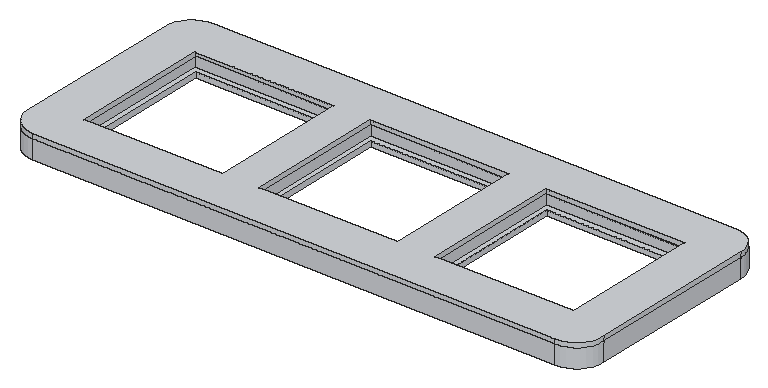
Revit family "Gira_0213417", category Electrical Fixtures, host Face, Revit 2017
Family settings
  Host = Face
  Maintain Annotation Orientation = No
  Round Connector Dimension = Use Diameter
  Part Type = Normal
  Cut with Voids When Loaded = No
  Shared = No
  Room Calculation Point = No
Parameters (values of type "Abdeckrahmen 3f Gira E3 Sand/Reinweiß")
  Werkstoffgüte = "sonstige"
  Werkstoff = "sonstige"
  URL = "http://katalog.gira.de/de_DE/datenblatt.html?artikelnr=0213417"
  Transparent = "No"
  Textfeld/Beschriftungsfläche = "No"
  Schutzart (IP) = "IP20"
  Region = "DE"
  Oberfläche = "sonstige"
  Name = "Abdeckrahmen 3f Gira E3 Sand/Reinweiß"
  Montagerichtung = "horizontal und vertikal"
  Mit Montagerahmen = "No"
  Mit Klappdeckel = "No"
  Manufacturer URL = "https://www.gira.de/"
  Keynote = "E3_Rahmen_3fach"
  HeinzeBIM = "https://bimportal.heinze.de/bim/abdeckrahmen-3f-gira-e3-sand-reinweiss/15178329602c0f77798fcad0826a652361524a41"
  Halogenfrei = "No"
  HAN = "0213417"
  Geeignet für Unterputz-Installation = "Yes"
  Geeignet für Unterflurkanaldose = "No"
  Geeignet für Geräteeinbaukanal = "No"
  Geeignet für Einbauinstallation = "No"
  GTIN = "4010337024538"
  Farbe = "sonstige"
  Default Elevation = 1219.2 mm
  Data sheet (1) = "https://katalog.gira.de/de_DE/download.html?artikelnr=0213417"
  Category = "Abdeckrahmen"
  Befestigungsart = "Klemmbefestigung"
  Available = "Yes"
  Anzahl der Einheiten vertikal = "3 "
  Anzahl der Einheiten horizontal = "3 "
  Anzahl der Einheiten = "3 "
Reference planes
  plane 1 "Center (Front/Back)": y = 0
  plane 2: z = 0
  plane 3 "Center (Left/Right)": x = 0
Forms (mm)
  Extrusion 1, solid, detail levels fine
    sketch origin (0, 0, 0) x (1, 0, 0) y (0, 1, 0)
      loop
        arc (-106.1, 45.809) -> (-113.884, 42.585) -> (-117.109, 34.8) r 11.009
        line (-117.109, 34.8) -> (-117.109, -34.8)
        arc (-117.109, -34.8) -> (-113.884, -42.585) -> (-106.1, -45.809) r 11.009
        line (-106.1, -45.809) -> (106.1, -45.809)
        arc (106.1, -45.809) -> (113.884, -42.585) -> (117.109, -34.8) r 11.009
        line (117.109, -34.8) -> (117.109, 34.8)
        arc (117.109, 34.8) -> (113.884, 42.585) -> (106.1, 45.809) r 11.009
        line (106.1, 45.809) -> (-106.1, 45.809)
      loop
        line (-43.2, 28.187) -> (-99.456, 28.187) -> (-99.456, -28.187) -> (-43.2, -28.187) -> (-43.2, 28.187)
      loop
        line (-28.3, 28.187) -> (-28.3, -28.187) -> (27.956, -28.187) -> (27.956, 28.187) -> (-28.3, 28.187)
      loop
        line (43.2, 28.187) -> (43.2, -28.187) -> (99.456, -28.187) -> (99.456, 28.187) -> (43.2, 28.187)
    from 7.65 to 9.5
  Extrusion 2, solid, detail levels fine
    sketch origin (-71.5, 0, 0) x (1, 0, 0) y (0, 1, 0)
      loop
        line (26.1, 25.7) -> (-25.7, 25.7) -> (-25.7, -25.7) -> (26.1, -25.7) -> (26.1, 25.7)
      loop
        line (-28.187, -28.156) -> (28.187, -28.156) -> (28.187, 28.156) -> (-28.187, 28.156) -> (-28.187, -28.156)
    from 1.65 to 3.9
  Extrusion 3, solid, detail levels fine
    sketch origin (0, 0, 0) x (1, 0, 0) y (0, 1, 0)
      loop
        arc (-106.1, 45.809) -> (-113.884, 42.585) -> (-117.109, 34.8) r 11.009
        line (-117.109, 34.8) -> (-117.109, -34.8)
        arc (-117.109, -34.8) -> (-113.884, -42.585) -> (-106.1, -45.809) r 11.009
        line (-106.1, -45.809) -> (106.1, -45.809)
        arc (106.1, -45.809) -> (113.884, -42.585) -> (117.109, -34.8) r 11.009
        line (117.109, -34.8) -> (117.109, 34.8)
        arc (117.109, 34.8) -> (113.884, 42.585) -> (106.1, 45.809) r 11.009
        line (106.1, 45.809) -> (-106.1, 45.809)
      loop
        line (-115.143, 34.785) -> (-115.143, -34.785)
        arc (-115.143, -34.785) -> (-112.49, -41.19) -> (-106.084, -43.843) r 9.058
        line (-106.084, -43.843) -> (106.084, -43.843)
        arc (106.084, -43.843) -> (112.49, -41.19) -> (115.143, -34.785) r 9.058
        line (115.143, -34.785) -> (115.143, 34.785)
        arc (115.143, 34.785) -> (112.49, 41.19) -> (106.084, 43.843) r 9.058
        line (106.084, 43.843) -> (-106.084, 43.843)
        arc (-106.084, 43.843) -> (-112.49, 41.19) -> (-115.143, 34.785) r 9.058
    from 0 to 7.65
  Extrusion 4, solid, detail levels fine
    sketch origin (-35.75, 0, 0) x (1, 0, 0) y (0, 1, 0)
      loop
        line (-62.956, -31.075) -> (62.956, -31.075)
        arc (62.956, -31.075) -> (65.599, -29.98) -> (66.694, -27.337) r 3.739
        line (66.694, -27.337) -> (66.694, 27.337)
        arc (66.694, 27.337) -> (65.599, 29.98) -> (62.956, 31.075) r 3.739
        line (62.956, 31.075) -> (-62.956, 31.075)
        arc (-62.956, 31.075) -> (-65.599, 29.98) -> (-66.694, 27.337) r 3.739
        line (-66.694, 27.337) -> (-66.694, -27.337)
        arc (-66.694, -27.337) -> (-65.599, -29.98) -> (-62.956, -31.075) r 3.739
      loop
        line (-65.544, 27.537) -> (-65.544, -27.537)
        arc (-65.544, -27.537) -> (-64.845, -29.226) -> (-63.156, -29.925) r 2.389
        line (-63.156, -29.925) -> (63.156, -29.925)
        arc (63.156, -29.925) -> (64.845, -29.226) -> (65.544, -27.537) r 2.389
        line (65.544, -27.537) -> (65.544, 27.537)
        arc (65.544, 27.537) -> (64.845, 29.226) -> (63.156, 29.925) r 2.389
        line (63.156, 29.925) -> (-63.156, 29.925)
        arc (-63.156, 29.925) -> (-64.845, 29.226) -> (-65.544, 27.537) r 2.389
    from 1.65 to 7.65
  Extrusion 5, solid, detail levels fine
    sketch origin (0, 0, 0) x (1, 0, 0) y (0, 1, 0)
      loop
        line (-103.367, -39.8) -> (103.368, -39.8)
        arc (103.368, -39.8) -> (108.982, -36.708) -> (111.215, -30.7) r 9.2
        line (111.215, -30.7) -> (111.215, 30.7)
        arc (111.215, 30.7) -> (108.52, 37.205) -> (102.015, 39.9) r 9.2
        line (102.015, 39.9) -> (-102.014, 39.9)
        arc (-102.014, 39.9) -> (-108.52, 37.205) -> (-111.214, 30.7) r 9.2
        line (-111.214, 30.7) -> (-111.214, -30.7)
        arc (-111.214, -30.7) -> (-108.982, -36.708) -> (-103.367, -39.8) r 9.2
      loop
        line (-102.014, -31.7) -> (102.015, -31.7)
        arc (102.015, -31.7) -> (102.722, -31.407) -> (103.015, -30.7) r 1
        line (103.015, -30.7) -> (103.015, 30.7)
        arc (103.015, 30.7) -> (102.722, 31.407) -> (102.015, 31.7) r 1
        line (102.015, 31.7) -> (-102.014, 31.7)
        arc (-102.014, 31.7) -> (-102.721, 31.407) -> (-103.014, 30.7) r 1
        line (-103.014, 30.7) -> (-103.014, -30.7)
        arc (-103.014, -30.7) -> (-102.721, -31.407) -> (-102.014, -31.7) r 1
    from 1.65 to 3.9
  Extrusion 6, solid, detail levels fine
    sketch origin (-71.5, 0, 0) x (1, 0, 0) y (0, 1, 0)
      loop
        line (-28.187, 28.156) -> (-28.187, -28.156) -> (28.187, -28.156) -> (28.187, 28.156) -> (-28.187, 28.156)
      loop
        line (-29.925, 29.925) -> (-29.925, -29.925) -> (29.925, -29.925) -> (29.925, 29.925) -> (-29.925, 29.925)
    from 1.65 to 7.65
  Extrusion 7, solid, detail levels coarse+medium
    sketch origin (0, 0, 0) x (1, 0, 0) y (0, 1, 0)
      loop
        line (-117.109, 45.809) -> (-117.109, -45.809) -> (117.109, -45.809) -> (117.109, 45.809) -> (-117.109, 45.809)
    from 0 to 9.5
  Extrusion 8, solid, detail levels fine
    sketch origin (0, 0, 0) x (-1, 0, 0) y (0, -1, 0)
      loop
        line (25.9, -25.7) -> (25.9, 25.7) -> (-25.9, 25.7) -> (-25.9, -25.7) -> (25.9, -25.7)
      loop
        line (-28.187, 28.156) -> (-28.187, -28.156) -> (28.187, -28.156) -> (28.187, 28.156) -> (-28.187, 28.156)
    from 1.65 to 3.9
  Extrusion 9, solid, detail levels fine
    sketch origin (0, 0, 0) x (-1, 0, 0) y (0, -1, 0)
      loop
        line (-28.187, -28.156) -> (28.187, -28.156) -> (28.187, 28.156) -> (-28.187, 28.156) -> (-28.187, -28.156)
      loop
        line (-29.925, -29.925) -> (29.925, -29.925) -> (29.925, 29.925) -> (-29.925, 29.925) -> (-29.925, -29.925)
    from 1.65 to 7.65
  Extrusion 10, solid, detail levels fine
    sketch origin (71.5, 0, 0) x (-1, 0, 0) y (0, -1, 0)
      loop
        line (26.1, -25.7) -> (26.1, 25.7) -> (-25.7, 25.7) -> (-25.7, -25.7) -> (26.1, -25.7)
      loop
        line (-28.187, 28.156) -> (-28.187, -28.156) -> (28.187, -28.156) -> (28.187, 28.156) -> (-28.187, 28.156)
    from 1.65 to 3.9
  Extrusion 11, solid, detail levels fine
    sketch origin (71.5, 0, 0) x (-1, 0, 0) y (0, -1, 0)
      loop
        line (-28.187, -28.156) -> (28.187, -28.156) -> (28.187, 28.156) -> (-28.187, 28.156) -> (-28.187, -28.156)
      loop
        line (-29.925, -29.925) -> (29.925, -29.925) -> (29.925, 29.925) -> (-29.925, 29.925) -> (-29.925, -29.925)
    from 1.65 to 7.65
Dimensions and locks
  aligned and locked: plane 2 to host face
  aligned and locked: level to host face
